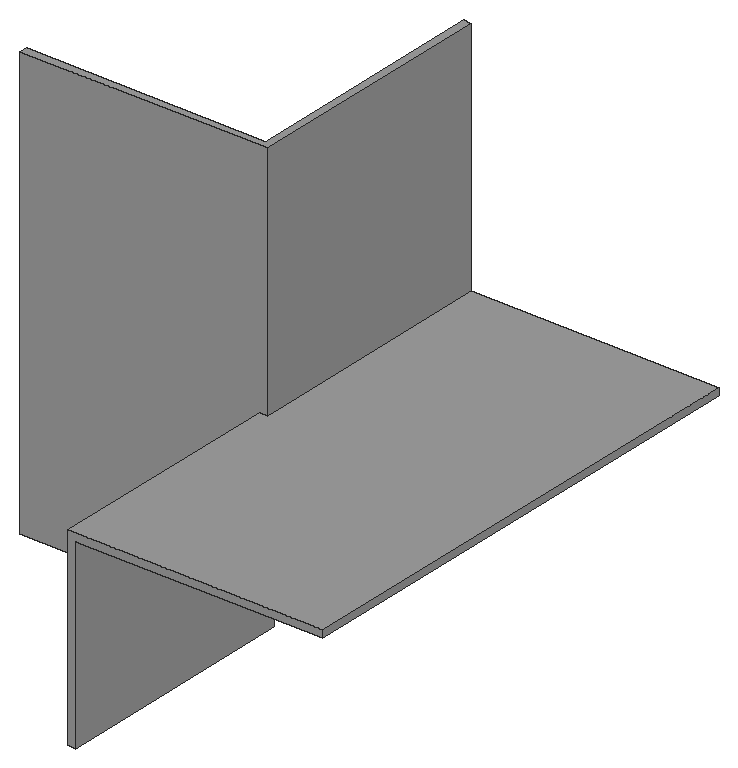
Revit family "Flashing_Preformed_Hyload_Type-WL1", category Generic Models, Revit 2016
Family settings
  Part Type = Normal
  Can host rebar = No
  Round Connector Dimension = Use Diameter
  OmniClass Number = 23.20.30.24.11
  OmniClass Title = Embedded Flashing
  Work Plane-Based = No
  Always vertical = Yes
  Cut with Voids When Loaded = No
  Shared = No
  Room Calculation Point = No
Parameters (values of type "As Specified")
  Upper Height = 0' - 4"
  Unit Width = 1' - 0"
  Unit Height = 0' - 2"
  Unit Depth = 0' - 4"
  URL = "http://www.hyload.com/"
  Thickness = 0' - 0 1/16"
  Specification = "http://www.arcat.com/sdspecs/htm04/07_65_00hyl.htm"
  Sales Information = "http://www.hyload.com/contact-us"
  Revision = "R1_12-2015"
  Product Properties = "http://www.hyload.com/masonry-flashing/preformed-shapes/"
  Product Data = "http://www.arcat.com/arcatcos/cos33/arc33176.html"
  Model = "Type WL1"
  Manufacturer Website = "http://www.hyload.com/"
  Manufacturer Phone - Toll Free = "800-457-4056"
  Manufacturer Phone = "330-769-3546"
  Manufacturer Fax = "330-769-4153"
  Manufacturer Address = "5020 Panther Pkwy., Seville, OH 44273"
  Manufacturer = "Hyload"
  Lower Height = 0' - 1 1/2"
  Keynote = "07 65 00"
  Flashing Material = Hyload Flashing Membrane - Grey
  Drawn By = "Robert S. Weygant / Sumex Design"
  Description = "Preformed Hyload Masonry Flashing - Type WL1"
  Copyright = "(c) ARCAT, Inc, 2015"
  Construction Details = "http://www.arcat.com/details/hyload/hyload.html?coid=33176"
  Assembly Code = "B3010400"
Reference planes (in)
  plane 1 "Center (Front/Back)": y = 0
  plane 2: z = 0
  plane 3 "Center (Left/Right)": x = 0
  plane 4 "Back": y = 2
  plane 5: x = 2
  plane 6 "WinPlane": z = -1.5
  plane 7: x = 22
  plane 8 "Front": y = -2
  plane 9: z = 2
  plane 10: x = -2
Forms (in)
  Extrusion 1, solid, material "Hyload Flashing Membrane - Grey" <- "Flashing Material"
    sketch origin (0, 0, 0) x (1, 0, 0) y (0, 0, 1)
      loop
        line (0, 0) -> (2, 0) -> (2, 0.0625) -> (-0.0625, 0.0625) -> (-0.0625, -1.5) -> (0, -1.5) -> (0, 0)
    from 0 to 2
  Extrusion 2, solid, material "Hyload Flashing Membrane - Grey" <- "Flashing Material"
    sketch origin (0, 2, 0) x (-1, 0, 0) y (0, 0, 1)
      loop
        line (0, 0.0625) -> (-2, 0.0625) -> (-2, 0) -> (0.0625, 0) -> (0.0625, 2) -> (0, 2) -> (0, 0.0625)
    from -2 to 0
  Extrusion 3, solid, material "Hyload Flashing Membrane - Grey" <- "Flashing Material"
    sketch origin (0, 0, 0) x (1, 0, 0) y (0, 0, 1)
      loop
        line (-2, 2) -> (-2, -1.5) -> (0, -1.5) -> (0, 2) -> (-2, 2)
    from 0 to 0.0625 <- "Thickness"
Cuts and joins
  joined: Extrusion 1, Extrusion 2, Extrusion 3
Dimensions and locks (in)
  "Unit Depth": plane 4 "Back" to plane 8 "Front"
  locked: plane 8 "Front" to plane 1 "Center (Front/Back)" at 2
  plane 10 to plane 3 "Center (Left/Right)" = 0' - 2"
  locked: plane 3 "Center (Left/Right)" to plane 5 at 2
  "Lower Height": level to plane 6 "WinPlane"
  "Unit Height": plane 9 to level
  "Thickness": plane 3 "Center (Left/Right)" to Extrusion 1 sketch curve
  "Thickness": Extrusion 1 sketch curve to level
  "Thickness": Extrusion 2 sketch curve to level
  "Thickness": plane 3 "Center (Left/Right)" to Extrusion 2 sketch curve
  aligned and locked: plane 2 to level
  aligned and locked: level to Extrusion 1 sketch curve
  aligned and locked: Extrusion 1 sketch curve to plane 3 "Center (Left/Right)"
  aligned and locked: Extrusion 1 sketch curve to plane 5
  aligned and locked: plane 6 "WinPlane" to Extrusion 1 sketch curve
  aligned and locked: Extrusion 1 to plane 8 "Front"
  aligned and locked: Extrusion 1 to plane 1 "Center (Front/Back)"
  aligned and locked: plane 1 "Center (Front/Back)" to Extrusion 2
  aligned and locked: plane 4 "Back" to Extrusion 2
  aligned and locked: Extrusion 2 sketch curve to plane 9
  aligned and locked: Extrusion 2 sketch curve to plane 5
  aligned and locked: level to Extrusion 2 sketch curve
  aligned and locked: plane 3 "Center (Left/Right)" to Extrusion 2 sketch curve
  aligned and locked: Extrusion 3 sketch curve to plane 9
  aligned and locked: plane 10 to Extrusion 3 sketch curve
  aligned and locked: Extrusion 3 sketch curve to Extrusion 1  (x2)
  aligned and locked: Extrusion 3 to plane 1 "Center (Front/Back)"
